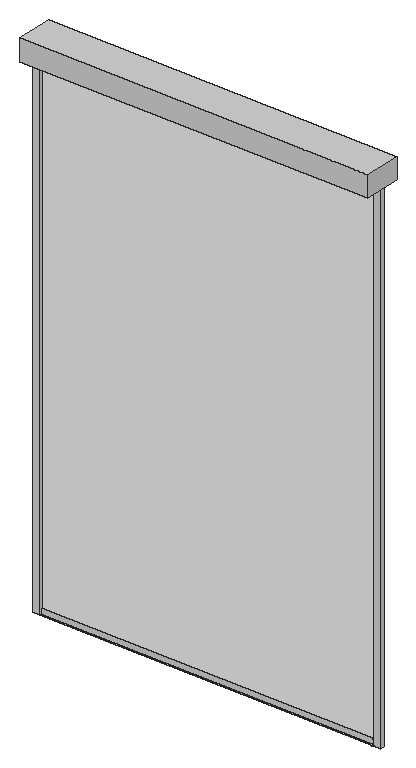
Revit family "Hose-Stream-Rated_Smoke-Fire-Curtain_DoorSystems_DSI-HS10B-Multiple-Roller-Side-by-Side-Headbox", category Doors, host Wall, Revit 2021
Family settings
  Host = Wall
  OmniClass Number = 23.30.10.21.11.11
  OmniClass Title = Rolling Fire Doors
  Always vertical = Yes
  Cut with Voids When Loaded = No
  Shared = No
  Room Calculation Point = No
Parameters (values of type "21" x 12" Head-box #3")
  Rough Width = 0' - 0"
  Rough Height = 0' - 0"
  Fire Rating = "1, 2, 3"
  Define Thermal Properties by = Schematic Type
  CLEAR OPENING WIDTH [instance] = 16' - 0"
  URL = "https://www.doorsysinc.com/"
  Specification = "https://www.arcat.com/company/door-systems-50183/spec"
  Type Model Notes [instance] = "As Specify"
  Invalid Model = (HeadBox_Height = 0' 0")  # no
  CURTAIN DROP HEIGHT [instance] = 24' - 0"
  Curtain Height [instance] = if(Curtain Closed, CURTAIN DROP HEIGHT, 0' 0 1/8")  # 24' - 0"
  Curtain Closed [instance] = yes
  Product Page URL = "https://www.arcat.com/arcatcos/cos50/arc50183.html"
  Mounting Method [instance] = "Per Manufactures standard"  # constant formula
  Model = "DSI-HS10B"  # constant formula
  Maximum Size [instance] = ""
  Manufacturer = "Door Systems"
  Keynote = "08 33 44"
  HeadBox_Height = 1' - 0"
  HeadBox_Depth = 1' - 9"
  FrameDepth = 0' - 2"
  Frame Width = 0' - 4"
  Wall Closure = By host
  Frame Finish [instance] = Metal - Steel - Primer Finish
  Fire Performance = "UL 10B"  # constant formula
  Description = "Hose Stream Rated Smoke and Fire Curtain"  # constant formula
  CurtainDrop_Viz = yes
  Curtain Offset [instance] = 0' - 0"
  Curtain Finish [instance] = Fabric - DoorSystemsInc - Grey Smoke Curtain
  Copyright = "ARCAT 2022"  # constant formula
  CAD Details = "https://www.arcat.com/company/door-systems-50183/cad"
  Available Options [instance] = "as Specified"
  Auxiliary HeadBox_Height = 1' - 0"
  Auxiliary HeadBox_Depth = 1' - 9"
  Analytic Construction = "<None>"
Types (3): name | CURTAIN DROP HEIGHT | Curtain Height | Auxiliary HeadBox_Height | Auxiliary HeadBox_Depth
  15" x 9" Head-box #1 | 10' - 0" | 10' - 0" | 0' - 9" | 1' - 3"
  18" x 10" Head-box #2 | 16' - 0" | 16' - 0" | 0' - 10" | 1' - 6"
  21" x 12" Head-box #3 | 24' - 0" | 24' - 0" | 1' - 0" | 1' - 9"
Reference planes (in)
  plane 1 "Center (Front/Back)": y = 0
  plane 2 "Center (Left/Right)": x = 0
  plane 3 "Left": x = -100
  plane 4 "Right": x = 100
  plane 5 "Top": z = 288
  plane 6 "Exterior": y = 1
  plane 7 "Interior": y = -5
  plane 8: y = 12.5
  plane 9: z = 0
  plane 10: y = 3
  plane 11 "2": z = 300
  plane 12 "DoorOffset": y = 2
  plane 13: y = 1
  plane 14: y = 2
  plane 15: y = -8.5
  plane 16: z = 0
  plane 17: x = -96
  plane 18: x = 96
Forms (in)
  Extrusion 1, solid, material "Fabric - DoorSystemsInc - Grey Smoke Curtain" <- "Curtain Finish"
    sketch origin (0, 0, 0) x (1, 0, 0) y (0, 1, 0)
      loop
        line (-97.25, 2.07812) -> (-97.25, 1.92187) -> (97.25, 1.92187) -> (97.25, 2.07812) -> (-97.25, 2.07812)
    from 0 to 288
  Sweep 2, solid, material "Metal - Steel - Primer Finish" <- "Frame Finish"
    path origin (0, 0, 0) x (1, 0, 0) y (0, 0, 1)
      loop
        line (-100, 288) -> (100, 288)
    profile origin (0, 0, 288) x (0, 0, 1) y (0, -1, 0)
      loop
        line (12, 8.5) -> (0, 8.5) -> (0, -12.5) -> (12, -12.5) -> (12, 8.5)
  Sweep 3, solid, material "Metal - Steel - Primer Finish" <- "Frame Finish"
    path origin (0, 0, 0) x (1, 0, 0) y (0, 0, 1)
      loop
        line (0, 288) -> (0, 0)
    profile origin (0, 0, 144) x (0, -1, 0) y (1, 0, 0)
      loop
        line (-1, -100) -> (-1, -96) -> (-1.875, -96) -> (-1.875, -97.25) -> (-2.125, -97.25) -> (-2.125, -96) -> (-3, -96) -> (-3, -100) -> (-1, -100)
      loop
        line (-1, 100) -> (-3, 100) -> (-3, 96) -> (-2.125, 96) -> (-2.125, 97.25) -> (-1.875, 97.25) -> (-1.875, 96) -> (-1, 96) -> (-1, 100)
  Sweep 4, solid, material "Metal - Steel - Primer Finish" <- "Frame Finish", visible <- "CurtainDrop_Viz"
    path origin (0, 0, 0) x (1, 0, 0) y (0, 1, 0)
      loop
        line (96, 2) -> (-96, 2)
    profile origin (0, 2, 0) x (0, -1, 0) y (0, 0, 1)
      loop
        line (-1, 0.125) -> (-1, 0) -> (-0.07812, 0) -> (-0.07812, 3) -> (-0.20312, 3) -> (-0.20312, 0.125) -> (-1, 0.125)
      loop
        line (1, 0) -> (1, 0.125) -> (0.20313, 0.125) -> (0.20313, 3) -> (0.07813, 3) -> (0.07813, 0) -> (1, 0)
Lines and regions (in)
  Opening 1
    outline origin (-84.5, -5, 0) x (1, 0, 0) y (0, 0, 1)
      loop
        line (-15.5, 0) -> (184.5, 0) -> (184.5, 300) -> (-15.5, 300) -> (-15.5, 0)
Text (in)
  text "Exterior" at (-74.96733, 27.31104, 0), in view "Ref. Level"
  text "Interior" at (-74.96733, -25.14366, 0), in view "Ref. Level"
  text "Exterior" at (0, 40.15149, 123.01588), in view "Right"
  text "Interior" at (0, -64.39139, 123.01588), in view "Right"
  text "Interior" at (0, -31.01599, 123.00693), in view "Left"
  text "Exterior" at (0, 54.57065, 123.00693), in view "Left"
Dimensions and locks (in)
  equal spacing: plane 3 "Left", plane 2 "Center (Left/Right)", plane 4 "Right"
  "CURTAIN DROP HEIGHT": level to plane 5 "Top"
  "Auxiliary HeadBox_Depth": plane 8 to plane 15
  locked: Extrusion 1 sketch curve to Extrusion 1 sketch curve at 0.15625
  "Auxiliary HeadBox_Height": plane 5 "Top" to plane 11 "2"
  equal spacing: Extrusion 1 sketch curve, plane 12 "DoorOffset", Extrusion 1 sketch curve
  "FrameDepth": plane 10 to plane 13
  "Frame Width": plane 3 "Left" to Sweep 3 sketch curve
  "Frame Width": Sweep 3 sketch curve to plane 4 "Right"
  equal spacing: plane 13, plane 14, plane 10
  locked: Sweep 3 sketch curve to Sweep 3 sketch curve at 1.25  (x2)
  equal spacing: Sweep 3 sketch curve, plane 14, Sweep 3 sketch curve
  locked: Sweep 3 sketch curve to Sweep 3 sketch curve at 0.25
  equal spacing: plane 10, plane 12 "DoorOffset", plane 13
  "Frame Width": Sweep 4 sketch curve to plane 4 "Right"
  "Frame Width": plane 3 "Left" to Sweep 4 sketch curve
  locked: Sweep 4 sketch curve to Sweep 4 sketch curve at 0.125
  "Curtain Offset": plane 6 "Exterior" to plane 13
  "Curtain Height": plane 5 "Top" to plane 16
  locked: Sweep 4 sketch curve to plane 16 at 3
  locked: Sweep 4 sketch curve to plane 16 at 0.125
  "CLEAR OPENING WIDTH": plane 18 to plane 17
  equal spacing: plane 8, plane 12 "DoorOffset", plane 15
  locked: plane 18 to plane 4 "Right" at 4
  equal spacing: plane 17, plane 2 "Center (Left/Right)", plane 18
  aligned and locked: Opening 1 sketch curve to level
  aligned and locked: plane 6 "Exterior" to host wall
  aligned and locked: host wall to plane 7 "Interior"
  aligned and locked: plane 9 to level
  aligned and locked: Extrusion 1 to plane 5 "Top"
  aligned and locked: Sweep 2 sketch curve to plane 5 "Top"
  aligned and locked: plane 4 "Right" to Sweep 2 sketch curve
  aligned and locked: plane 3 "Left" to Sweep 2 sketch curve
  aligned and locked: plane 11 "2" to Sweep 2 sketch curve
  aligned and locked: Sweep 2 sketch curve to plane 8
  aligned and locked: plane 5 "Top" to Sweep 2 sketch curve
  aligned and locked: Sweep 3 sketch curve to plane 2 "Center (Left/Right)"
  aligned and locked: plane 9 to Sweep 3 sketch curve
  aligned and locked: plane 5 "Top" to Sweep 3 sketch curve
  aligned and locked: plane 3 "Left" to Sweep 3 sketch curve
  aligned and locked: plane 10 to Sweep 3 sketch curve  (x2)
  aligned and locked: Sweep 3 sketch curve to plane 13
  aligned and locked: plane 4 "Right" to Sweep 3 sketch curve
  aligned and locked: plane 13 to Sweep 3 sketch curve
  aligned and locked: Sweep 3 sketch curve to Sweep 3 sketch curve  (x4)
  aligned and locked: Sweep 4 sketch curve to plane 12 "DoorOffset"
  aligned and locked: Sweep 4 sketch curve to plane 10
  aligned and locked: Sweep 4 sketch curve to plane 13
  aligned and locked: Extrusion 1 to Sweep 4 sketch curve  (x2)
  aligned and locked: Sweep 4 sketch curve to Sweep 4 sketch curve
  aligned and locked: Sweep 3 to Extrusion 1 sketch curve  (x2)
  aligned and locked: Sweep 2 sketch curve to plane 15
  aligned and locked: plane 16 to Sweep 4 sketch curve  (x2)
  aligned and locked: Extrusion 1 to plane 16
  aligned and locked: Opening 1 sketch curve to plane 3 "Left"
  aligned and locked: Opening 1 sketch curve to plane 4 "Right"
  aligned and locked: Opening 1 sketch curve to plane 11 "2"
Automatic sketch dimensions
  Sweep 4 sketch curve to Sweep 4 sketch curve = 0' - 0 1/8"
  Sweep 4 sketch curve to Sweep 4 sketch curve = 0' - 0"
